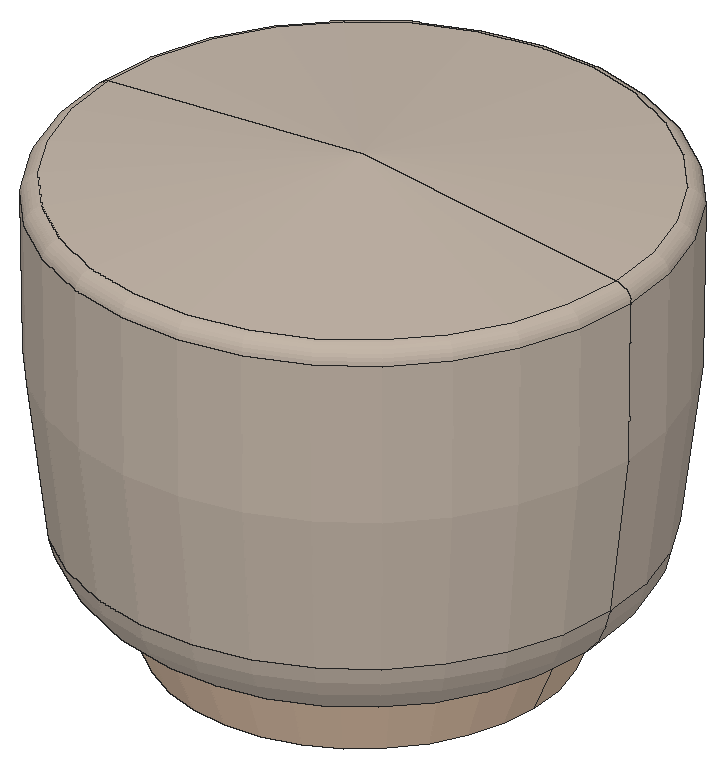
Revit family "FU_Chair_Sandler_DIADEMA 04010", category Furniture, Revit 2020
Family settings
  OmniClass Number = 23.21.23.15.17
  Work Plane-Based = Yes
  Always vertical = No
  Cut with Voids When Loaded = No
  Shared = No
  Room Calculation Point = No
Parameters (values of type "DIADEMA 04010")
  Youtube clip = ""
  Uniformat II Description = "Movable Furnishings"
  Uniformat II Code = ""
  Uniclass 2015 Name = ""
  Uniclass 2015 Code = ""
  Uniclass 2.0 Description = ""
  Uniclass 2.0 Code = ""
  Uniclass 1.4 Description = ""
  Uniclass 1.4 Code = ""
  UNSPSC Code = ""
  Technical description = ""
  Shell Material = Fabric - Gravity - Wheat CPC21
  Frame Material = Wood - Beech - Timber
  Region South America = "All"
  Region Oceania = "All"
  Region North America = "All"
  Region Middle East = "All"
  Region Europe = "All"
  Region Asia = "All"
  Region Antarctica = "All"
  Region Africa = "All"
  QR code = "https://www.sandlerseating.com/product/diadema-04010/"
  Product url = "https://www.sandlerseating.com/product/diadema-04010/"
  Product name = "DIADEMA 04010"
  Product group = "Chair"
  Product family = "Furniture"
  Product data url = "https://www.sandlerseating.com/product/diadema-04010/"
  Product certification = ""
  Product SKU = "??"
  Product Guid = "??"
  OmniClass Description = ""
  OmniClass Code = "23-21 23 15 17"
  NBS Reference Description = ""
  NBS Reference Code = ""
  Model = "DIADEMA 04010"
  Masterformat 2014 Description = "Chair Mats"
  Masterformat 2014 Code = "12 48 43.13"
  Manufacturer name = "Sandler"
  Manufacturer country = "USA"
  Manufacturer = "Sandler"
  Installation instructions = ""
  IFC Classification = "Furnishing Element"
  GTIN code = ""
  Edition number = 1
  Design country = "Brasil"
  Description = "Upholstered round ottoman with closed plinth and piping detail between top of seat and edge of seat on a solid beech frame."
  Default Elevation = 0.000 mm
  Date of publishing = ""
  COBIe Type Category = ""
  Brand url = "https://www.sandlerseating.com/"
  BIMobject main category code = "furniture"
  BIMobject main category = "Furniture"
  BIMobject category code = "furniture-chair"
  BIMobject category = "Chair"
Reference planes
  plane 1 "Center Front/Back": y = 0
  plane 2: z = 0
  plane 3 "Center Left/Right": x = 0
  plane 4: x = -250
Forms (mm)
  Revolve 1, solid, material "Fabric - Gravity - Wheat CPC21" <- "Shell Material"
    sketch origin (0, 0, 0) x (1, 0, 0) y (0, 0, 1)
      loop
        arc (0, 401.606) -> (-117.603, 396.02) -> (-234.146, 379.311) r 1240.654
        arc (-234.146, 379.311) -> (-243.016, 374.174) -> (-246.776, 364.638) r 15.584
        arc (-246.776, 364.638) -> (-244.834, 234.047) -> (-228.463, 104.471) r 1179.391
        arc (-228.463, 104.471) -> (-206.995, 64.226) -> (-166.179, 43.863) r 75
        arc (-166.179, 43.863) -> (-83.336, 34.264) -> (0, 31.058) r 1084.728
        line (0, 31.058) -> (0, 401.606)
      axis (0, 401.606) -> (0, 31.058)
    angle from 0 to 360
  Blend 2, solid, material "Wood - Beech - Timber" <- "Frame Material"
    base sketch origin (0, 0, 840) x (-1, 0, 0) y (0, -1, 0)
      loop
        circle (0, 0) r 180.814
    top sketch origin (0, 0, 840) x (-1, 0, 0) y (0, -1, 0)
      loop
        circle (0, 0) r 158.669
    from -790 to -840
Dimensions and locks
  aligned and locked: level to plane 2
